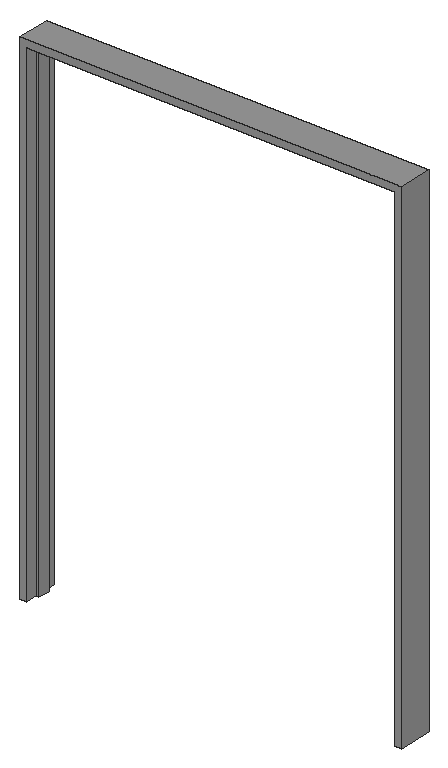
Revit family "J140DR1520 (1580x2082mm)", category Doors, host Wall, Revit 2013
Parameters (values of type "J140DR1520 (1580x2082mm)")
  Function = Interior
  Frame Projection Ext. = 25 mm
  Frame Projection Int. = 25 mm
  Frame Width = 75 mm
  Height = 2082 mm
  Wall Closure = By host
  Width = 1580 mm
Reference planes
  plane 1: y = 0
  plane 2 "Center (Left/Right)": x = 0
  plane 3 "Left": x = -790
  plane 4 "Right": x = 790
  plane 5: z = 2082
  plane 6 "Exterior": y = 75
  plane 7 "Interior": y = -75
Forms (mm)
  Sweep 1, solid, material "Lauan, Meranti"
    path origin (0, 75, 0) x (1, 0, 0) y (0, 0, 1)
      loop
        line (790, 0) -> (790, 2082) -> (-790, 2082) -> (-790, 0)
    profile "Van Acht 140x42 Jambliner Profile : Van Acht 140x42 Jambliner Profile" origin (790, 75, 1041) x (-1, 0, 0) y (0, -1, 0)
      loop
        line (0, 5) -> (30, 5) -> (30, 50) -> (42, 50) -> (42, 100) -> (30, 100) -> (30, 145) -> (0, 145) -> (0, 5)
Lines and regions (mm)
  Opening 1
    outline origin (-3050, -75, 0) x (1, 0, 0) y (0, 0, 1)
      loop
        line (2260, 0) -> (3840, 0) -> (3840, 2082) -> (2260, 2082) -> (2260, 0)
  symbolic lines, style "Elevation Swing"
    curve 1: line (0, -75, 1041) -> (-790, -75, 2082)
    curve 2: line (0, -75, 1041) -> (-790, -75, 0)
    curve 3: line (0, -75, 1041) -> (790, -75, 2082)
    curve 4: line (0, -75, 1041) -> (790, -75, 0)
  model lines
    curve 5: line (-760, 70, 0) -> (-760, 830, 0)
    curve 6: arc (-760, 830, 0) -> (-222.599, 607.401, 0) -> (0, 70, 0) r 760
    curve 7: line (760, 70, 0) -> (760, 830, 0)
    curve 8: arc (760, 830, 0) -> (222.599, 607.401, 0) -> (0, 70, 0) r 760
Text (mm)
  text "Exterior" at (-2295.016, 1099.543, 0), in view "Ref. Level"
  text "Exterior" at (0, 1615.38, 3698.081), in view "Left"
  text "Exterior" at (0, 1036.032, 3874.932), in view "Right"
Dimensions and locks
  equal spacing: plane 3 "Left", plane 2 "Center (Left/Right)", plane 4 "Right"
  "Width": plane 3 "Left" to plane 4 "Right"
  "Height": plane 5 to host wall
  equal spacing: host wall, curve 2, plane 5
  host wall to plane 5 = 2082 mm
  locked: plane 6 "Exterior" to host wall at 0
  locked: plane 7 "Interior" to host wall
  plane 3 "Left" to plane 4 "Right" = 1580 mm
  aligned and locked: plane 3 "Left" to Opening 1 sketch curve
  aligned and locked: plane 5 to Opening 1 sketch curve  (x2)
  aligned and locked: Opening 1 sketch curve to plane 4 "Right"
  aligned and locked: Opening 1 sketch curve to level
  aligned and locked: plane 5 to curve 1
  aligned and locked: plane 3 "Left" to curve 2
  aligned and locked: plane 1 to host wall
  aligned and locked: plane 3 "Left" to curve 1
Automatic sketch dimensions
  plane 4 "Right" to Sweep 1 sketch curve = 0 mm
  Sweep 1 sketch curve to plane 5 = 0 mm
  plane 3 "Left" to Sweep 1 sketch curve = 0 mm
  Sweep 1 sketch curve to level = 0 mm  (x2)
  curve 2 to level = 0 mm
  plane 4 "Right" to curve 2 = 790 mm
  curve 4 to plane 2 "Center (Left/Right)" = 0 mm
  level to curve 4 = 1041 mm
  curve 4 to level = 0 mm
  plane 4 "Right" to curve 4 = 0 mm
  plane 4 "Right" to curve 3 = 0 mm
  curve 3 to plane 5 = 0 mm
  curve 5 to plane 3 "Left" = 30 mm
  host wall to curve 5 = 755 mm
  curve 8 to plane 2 "Center (Left/Right)" = 0 mm
  curve 6 to plane 2 "Center (Left/Right)" = 0 mm
  plane 4 "Right" to curve 7 = 30 mm
  host wall to curve 7 = 755 mm
  curve 7 to curve 8 = 0 mm
  curve 5 to curve 6 = 0 mm
